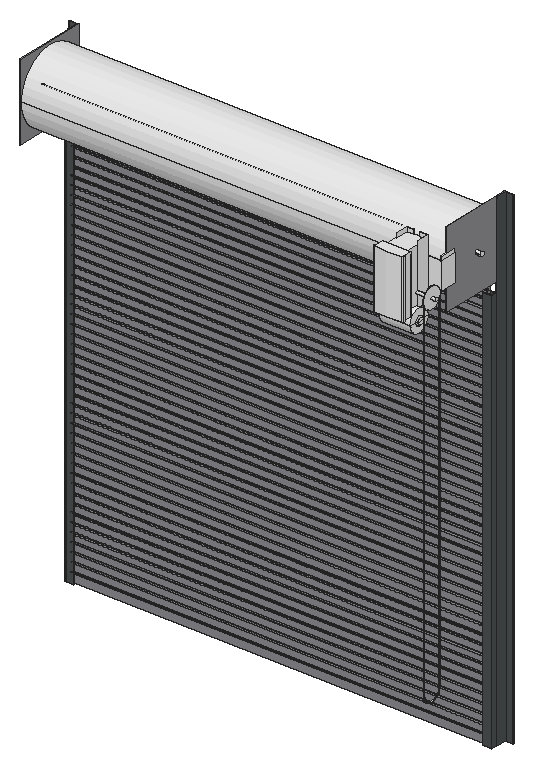
Revit family "FireKing-Fire-Rated-Insulated-Service-Doors_OHD_Model-635_compact", category Specialty Equipment, host Wall, Revit 2023 (continued)
Definition of nested family "Motor"
  Dimensions and locks (in)
    locked: Extrusion 12 sketch curve to Extrusion 12 sketch curve at 3.5
    locked: curve 1 to Extrusion 12 sketch curve at 1.46193
    locked: Extrusion 12 sketch curve to Extrusion 12 sketch curve at 9
    locked: Extrusion 12 sketch curve to curve 1 at 10.62
    radius of Extrusion 5 sketch curve = 3"
    radius of Sweep 6 sketch curve = 3"
    radius of Sweep 6 sketch curve = 0.1"
    radius of Extrusion 7 sketch curve = 0.4"
    radius of Extrusion 2 sketch curve = 0.36846"  (x2)
    radius of Extrusion 1 sketch curve = 0.12"  (x2)
    radius of Extrusion 2 sketch curve = 25"
    "Angle": angle curve 1 to plane 1 "Center (Front/Back)"
    angle Extrusion 2 sketch curve to Extrusion 2 sketch curve = 90.00°
    locked: Extrusion 2 sketch curve to Extrusion 2 sketch curve (angle 90.00°)
    aligned and locked: plane 2 to level
    aligned and locked: Revolve 3 sketch curve to Revolve 3 sketch curve
    aligned and locked: plane 1 "Center (Front/Back)" to curve 1
    aligned and locked: level to curve 1
    aligned and locked: plane 1 "Center (Front/Back)" to plane 4
    aligned and locked: Extrusion 4 sketch curve to Extrusion 4 sketch curve  (x3)
    aligned and locked: plane 7 to Sweep 6 sketch curve  (x2)
    aligned and locked: plane 8 to Sweep 6 sketch curve  (x2)
    aligned and locked: plane 5 to Extrusion 5 sketch curve
    aligned and locked: plane 9 "Chain Hoist" to Extrusion 5 sketch curve
    aligned and locked: plane 5 to Extrusion 7 sketch curve
    aligned and locked: plane 9 "Chain Hoist" to Extrusion 7 sketch curve
    aligned and locked: plane 8 to plane 9 "Chain Hoist"
    aligned and locked: Extrusion 9 sketch curve to Extrusion 9 sketch curve  (x3)
    aligned and locked: Extrusion 2 sketch curve to Extrusion 2 sketch curve
    aligned and locked: Extrusion 1 sketch curve to Extrusion 1 sketch curve
    aligned and locked: plane 4 to nested 1
    aligned and locked: plane 3 "Center (Left/Right)" to nested 1
  Automatic sketch dimensions
    plane 1 "Center (Front/Back)" to Revolve 3 sketch curve = 0"
    Revolve 3 sketch curve to Revolve 3 sketch curve = 0.09915"
    Revolve 3 sketch curve to Revolve 3 sketch curve = 4.7892"
    Revolve 3 sketch curve to plane 14 = 1.9628"
    Extrusion 9 sketch curve to plane 3 "Center (Left/Right)" = 0.988"
    plane 3 "Center (Left/Right)" to Extrusion 9 sketch curve = 0.988"
    Extrusion 2 sketch curve to plane 3 "Center (Left/Right)" = 0"
    Extrusion 2 sketch curve to Extrusion 2 sketch curve = 0.1984"
    Extrusion 2 sketch curve to Extrusion 2 sketch curve = 0.15206"
    Extrusion 2 sketch curve to Extrusion 2 sketch curve = 0.25654"
    Extrusion 2 sketch curve to Extrusion 2 sketch curve = 0"  (x2)
    Extrusion 2 sketch curve to Extrusion 2 sketch curve = 0.0593"
  Nested families (in)
    nested 1: "2D_NotScalableMain_29e791da-3db9-4234-ab15-44456784202b" at (0, 0, 0), type "Default"
      with Not Top + Bench yes, Face Mount yes, Chain Hoist no
  Definition of nested family "2D_NotScalableMain_29e791da-3db9-4234-ab15-44456784202b"
    Parameters (values of type "Default")
      Wall Mount = no
      Top Mount = no
      Not Top + Bench = no
      Fire King Face Mount = no
      Face Mount = no
      Top + Bench = no
      Chain Hoist = yes
      Bench Mount = no
    Reference planes (in)
      plane 1 "Center (Front/Back)": y = 0
      plane 2: z = 0
      plane 3 "Center (Left/Right)": x = 0
    Lines and regions (in)
      Masking region 1, in view "Ref. Level", visible <- "Not Top + Bench"
        outline origin (0, 0, 0) x (1, 0, 0) y (0, 1, 0)
          loop
            line (-6.9985, -0.96741) -> (-5.7485, -0.96741) -> (-5.7485, -0.30491) -> (-5.5274, -0.30491) -> (-5.5274, -1.76746) -> (-5.42825, -1.86661) -> (-4.5757, -1.86661) -> (-4.5757, -3.22517) -> (-4.134, -3.22517) -> (-4.134, -5.05565) -> (-4.3324, -5.05565) -> (-4.3324, -5.3122)
            arc (-4.3324, -5.3122) -> (-4.24466, -5.55085) -> (-4.02324, -5.67585) r 0.36846
            arc (-4.02324, -5.67585) -> (0, -6.0017) -> (4.02324, -5.67585) r 25
            arc (4.02324, -5.67585) -> (4.24466, -5.55085) -> (4.3324, -5.3122) r 0.36846
            line (4.3324, -5.3122) -> (4.3324, -5.05565) -> (4.116, -5.05565) -> (4.116, -3.22517) -> (4.57, -3.22517) -> (4.57, -1.27241) -> (4.799, -1.27241) -> (4.799, -0.84111) -> (5.199, -0.84111) -> (5.199, 0.79) -> (7.2495, 0.79) -> (7.2495, -1.81) -> (7.52, -1.81) -> (7.52, 0.79) -> (8.82, 0.79) -> (8.82, 1.59) -> (7.52, 1.59) -> (7.52, 4.19) -> (7.2495, 4.19) -> (7.2495, 1.59) -> (4.57, 1.59) -> (4.57, 3.22517) -> (2.988, 3.22517) -> (2.988, 4.96193) -> (-2.988, 4.96193) -> (-2.988, 3.22517) -> (-4.5757, 3.22517) -> (-4.5757, 1.86661) -> (-5.42825, 1.86661) -> (-5.5274, 1.76746) -> (-5.5274, 0.30491) -> (-5.7485, 0.30491) -> (-5.7485, 0.96741) -> (-6.9985, 0.96741) -> (-6.9985, -0.96741)
      Masking region 2, in view "Ref. Level", visible <- "Fire King Face Mount"
        outline origin (0, 0, 0) x (1, 0, 0) y (0, 1, 0)
          loop
            circle (0, 1.59) r 2.87397
          loop
            line (-2.988, 7.80693) -> (-2.988, 4.96193) -> (2.988, 4.96193) -> (2.988, 7.80693) -> (0.82, 7.80693) -> (0.82, 16.89193) -> (0.57, 16.89193) -> (0.57, 7.80693) -> (-2.988, 7.80693)
      Masking region 3, in view "Ref. Level", visible <- "Face Mount"
        outline origin (0, 0, 0) x (1, 0, 0) y (0, 1, 0)
          loop
            line (-3.108, 1.46193) -> (-2.988, 1.46193) -> (-2.988, 4.96193) -> (2.988, 4.96193) -> (2.988, 1.46193) -> (3.108, 1.46193) -> (3.108, 5.08193) -> (7.2495, 5.08193) -> (7.2495, 9.82193) -> (6.8795, 9.82193) -> (6.8795, 5.33193) -> (7.1295, 5.33193) -> (7.1295, 5.20193) -> (-2.988, 5.20193) -> (-2.988, 5.08193) -> (-3.108, 5.08193) -> (-3.108, 1.46193)
      Masking region 4, in view "Ref. Level", visible <- "Top + Bench"
        outline origin (0, 0, 0) x (1, 0, 0) y (0, 1, 0)
          loop
            line (-6.9985, -0.96741) -> (-5.7485, -0.96741) -> (-5.7485, -0.30491) -> (-5.5274, -0.30491) -> (-5.5274, -1.76746) -> (-5.42825, -1.86661) -> (-4.5757, -1.86661) -> (-4.5757, -3.22517) -> (4.57, -3.22517) -> (4.57, -1.27241) -> (4.799, -1.27241) -> (4.799, -0.84111) -> (5.199, -0.84111) -> (5.199, 0.84111) -> (4.799, 0.84111) -> (4.799, 1.27241) -> (4.57, 1.27241) -> (4.57, 3.22034) -> (4.3324, 3.22034) -> (4.3324, 6.13) -> (7.2495, 6.13) -> (7.2495, 3.53) -> (7.52, 3.53) -> (7.52, 6.13) -> (8.82, 6.13) -> (8.82, 6.93) -> (7.52, 6.93) -> (7.52, 9.53) -> (7.2495, 9.53) -> (7.2495, 6.93) -> (4.3324, 6.93) -> (4.3324, 19.24819) -> (3.108, 19.24819) -> (3.108, 20.0298) -> (0.988, 20.0298) -> (0.988, 19.24819) -> (-0.988, 19.24819) -> (-0.988, 20.0298) -> (-3.108, 20.0298) -> (-3.108, 19.24819) -> (-4.3324, 19.24819) -> (-4.3324, 3.22517) -> (-4.5757, 3.22517) -> (-4.5757, 1.86661) -> (-5.42825, 1.86661) -> (-5.5274, 1.76746) -> (-5.5274, 0.30491) -> (-5.7485, 0.30491) -> (-5.7485, 0.96741) -> (-6.9985, 0.96741) -> (-6.9985, -0.96741)
      Masking region 5, in view "Ref. Level", visible <- "Top Mount"
        outline origin (0, 0, 0) x (1, 0, 0) y (0, 1, 0)
          loop
            line (4.3324, 14.55771) -> (4.3324, 6.93) -> (7.2495, 6.93) -> (7.2495, 14.55771) -> (7.1295, 14.55771) -> (7.1295, 15.55771) -> (6.8795, 15.55771) -> (6.8795, 14.55771) -> (4.3324, 14.55771)
      Masking region 6, in view "Ref. Level", visible <- "Wall Mount"
        outline origin (0, 0, 0) x (1, 0, 0) y (0, 1, 0)
          loop
            line (-4.988, 4.96193) -> (-3.108, 4.96193) -> (-3.108, 1.46193) -> (-2.988, 1.46193) -> (-2.988, 5.08193) -> (-4.988, 5.08193) -> (-4.988, 4.96193)
          loop
            line (2.988, 1.46193) -> (3.108, 1.46193) -> (3.108, 4.96193) -> (4.988, 4.96193) -> (4.988, 5.08193) -> (2.988, 5.08193) -> (2.988, 1.46193)
      Masking region 7, in view "Ref. Level", visible <- "Bench Mount"
        outline origin (0, 0, 0) x (1, 0, 0) y (0, 1, 0)
          loop
            line (-7.24, 9.2698) -> (-7.1205, 9.2698) -> (-7.1205, 9.1098) -> (-4.3324, 9.1098) -> (-4.3324, 17.4298) -> (-7.1205, 17.4298) -> (-7.1205, 17.2698) -> (-7.24, 17.2698) -> (-7.24, 9.2698)
      Masking region 8, in view "Ref. Level", visible <- "Chain Hoist"
        outline origin (0, -6.98957, 0) x (1, 0, 0) y (0, 1, 0)
          loop
            line (4.7396, 6.58957) -> (7.2495, 6.58957) -> (7.2495, 3.98957) -> (7.52, 3.98957) -> (7.52, 6.58957) -> (8.82, 6.58957) -> (8.82, 7.38957) -> (7.52, 7.38957) -> (7.52, 9.98957) -> (7.2495, 9.98957) -> (7.2495, 7.38957) -> (4.7396, 7.38957) -> (4.7396, 6.58957)
      reference lines, in view "Ref. Level"
        curve 1: line (0, 0, 0) -> (0, 0.125, 0)
        curve 2: line (0, 0, 0) -> (0.125, 0, 0)
      detail lines, in view "Ref. Level", visible <- "Not Top + Bench"
        curve 3: line (7.2495, 4.19, 0) -> (7.2495, -1.81, 0)
        curve 4: line (7.52, 4.19, 0) -> (7.52, -1.81, 0)
        curve 5: line (-4.134, -2.29347, 0) -> (-4.134, -5.05565, 0)
        curve 6: line (4.116, -2.29347, 0) -> (4.116, -5.05565, 0)
        curve 7: line (-4.134, -2.41307, 0) -> (4.116, -2.41307, 0)
        curve 8: line (4.116, -2.29347, 0) -> (3.108, -2.29347, 0)
        curve 9: line (2.988, -2.17347, 0) -> (2.988, 4.96193, 0)
        curve 10: line (2.988, 4.96193, 0) -> (-2.988, 4.96193, 0)
        curve 11: line (-2.988, 4.96193, 0) -> (-2.988, -2.17347, 0)
        curve 12: arc (-2.988, -2.17347, 0) -> (-3.02315, -2.25832, 0) -> (-3.108, -2.29347, 0) r 0.12
        curve 13: arc (3.108, -2.29347, 0) -> (3.02315, -2.25832, 0) -> (2.988, -2.17347, 0) r 0.12
        curve 14: line (4.57, -3.22517, 0) -> (4.57, 0.77483, 0)
        curve 15: line (4.799, -1.27241, 0) -> (4.799, 0.77483, 0)
        curve 16: line (5.199, -0.84111, 0) -> (5.199, 0.77483, 0)
        curve 17: line (-4.5757, -3.22517, 0) -> (-4.5757, 3.22517, 0)
        curve 18: line (-5.42825, -1.86661, 0) -> (-5.42825, 1.86661, 0)
        curve 19: line (-5.5274, 1.76746, 0) -> (-5.5274, -1.76746, 0)
        curve 20: line (-5.7485, -0.96741, 0) -> (-5.7485, 0.96741, 0)
        curve 25: line (-4.116, -2.29347, 0) -> (-3.108, -2.29347, 0)
        curve 26: line (5.199, 0.77483, 0) -> (2.988, 0.77483, 0)
        curve 27: line (4.57, 1.59, 0) -> (3.108, 1.59, 0)
      detail lines, in view "Ref. Level", visible <- "Fire King Face Mount"
        curve 21: circle (0, 1.59, 0) r 1.29967 normal (0, 0, 1)
        curve 22: circle (0, 1.59, 0) r 0.87193 normal (0, 0, 1)
        curve 23: line (-2.988, 7.80693, 0) -> (2.988, 7.80693, 0)
        curve 24: line (-2.988, 7.685, 0) -> (2.988, 7.685, 0)
      detail lines, in view "Ref. Level", visible <- "Top + Bench"
        curve 28: line (-4.5757, -3.22517, 0) -> (-4.5757, 3.22517, 0)
        curve 29: line (-5.42825, 1.86661, 0) -> (-5.42825, -1.86661, 0)
        curve 30: line (-5.5274, 1.76746, 0) -> (-5.5274, -1.76746, 0)
        curve 31: line (-5.7485, -0.96741, 0) -> (-5.7485, 0.96741, 0)
        curve 32: line (-4.3324, 1.8898, 0) -> (-4.3324, 19.24819, 0)
        curve 33: line (-4.3324, 1.8898, 0) -> (4.3324, 1.8898, 0)
        curve 34: line (4.3324, 1.8898, 0) -> (4.3324, 19.24819, 0)
        curve 35: line (4.57, 3.22517, 0) -> (4.57, -3.22517, 0)
        curve 36: line (4.799, 1.27241, 0) -> (4.799, -1.22759, 0)
        curve 41: line (2.988, 20.0298, 0) -> (2.988, 19.24819, 0)
        curve 42: line (-2.988, 20.0298, 0) -> (-2.988, 19.24819, 0)
        curve 43: line (-3.108, 19.24819, 0) -> (-0.988, 19.24819, 0)
        curve 44: line (0.988, 19.24819, 0) -> (3.108, 19.24819, 0)
      detail lines, in view "Ref. Level", visible <- "Chain Hoist"
        curve 37: line (7.2495, 3, 0) -> (7.2495, -3, 0)
        curve 38: line (7.52, -3, 0) -> (7.52, 3, 0)
      detail lines, in view "Ref. Level", visible <- "Bench Mount"
        curve 39: line (-7.1205, 17.4298, 0) -> (-7.1205, 9.1098, 0)
        curve 40: line (-6.9985, 17.4298, 0) -> (-6.9985, 9.1098, 0)
    Dimensions and locks (in)
      curve 1 to curve 1 = 1/8"
      curve 2 to curve 2 = 1/8"
      aligned and locked: plane 1 "Center (Front/Back)" to curve 1
      aligned and locked: plane 3 "Center (Left/Right)" to curve 1
      aligned and locked: plane 1 "Center (Front/Back)" to curve 2
Definition of nested family "Label Annotation 1"
  Parameters (values of type "Label Annotation 1-8")
    Label = "Area is too big. Please reduce Door Size."
  Reference planes (in)
    plane 1: y = 0
    plane 2: x = 0
  Text (in)
    label "Label" at (0.00375, -0.00345, 0), shows "Label"
Definition of nested family "Warning Sign"
  Parameters (values of type "Warning Sign")
    Warning Sign [instance] = no
    Default Elevation = 48"
  Reference planes (in)
    plane 1 "Center (Front/Back)": y = 0
    plane 2: z = 0
    plane 3 "Center (Left/Right)": x = 0
    plane 4: y = 0.5
    plane 5: y = -0.5
    plane 6: y = 1
    plane 7: y = 0.25
  Lines and regions (in)
    model lines
      curve 1: line (-2.26129, 1, 45.69444) -> (-26.3817, 1, 3.91667)
      curve 2: line (-25.25106, 1, 3.26389) -> (-1.13064, 1, 45.04167)
      curve 3: arc (2.26129, 1, 45.69444) -> (0, 1, 47) -> (-2.26129, 1, 45.69444) r 2.61111
      curve 4: arc (-1.13064, 1, 45.04167) -> (0, 1, 45.69444) -> (1.13064, 1, 45.04167) r 1.30556
      curve 5: line (1.13064, 1, 45.04167) -> (25.25106, 1, 3.26389)
      curve 6: line (26.3817, 1, 3.91667) -> (2.26129, 1, 45.69444)
      curve 7: arc (25.25106, 1, 3.26389) -> (25.25106, 1, 1.95833) -> (24.12041, 1, 1.30556) r 1.30556
      curve 8: arc (24.12041, 1, 0) -> (26.3817, 1, 1.30556) -> (26.3817, 1, 3.91667) r 2.61111
      curve 9: line (24.12041, 1, 1.30556) -> (-24.12041, 1, 1.30556)
      curve 10: line (-24.12041, 1, 0) -> (24.12041, 1, 0)
      curve 11: arc (-24.12041, 1, 1.30556) -> (-25.25106, 1, 1.95833) -> (-25.25106, 1, 3.26389) r 1.30556
      curve 12: arc (-26.3817, 1, 3.91667) -> (-26.3817, 1, 1.30556) -> (-24.12041, 1, 0) r 2.61111
      curve 13: arc (-2.29479, 1, 8.63537) -> (0, 1, 6.34057) -> (2.29479, 1, 8.63537) r 2.29479
      curve 14: arc (2.29479, 1, 8.63537) -> (0, 1, 10.93016) -> (-2.29479, 1, 8.63537) r 2.29479
      curve 15: arc (-1.6331, 1, 13.97069) -> (0.03439, 1, 12.53727) -> (1.69278, 1, 13.98121) r 1.68043
      curve 16: line (-3.77413, 1, 28.37873) -> (-1.6331, 1, 13.97069)
      curve 17: line (1.69278, 1, 13.98121) -> (3.73924, 1, 28.37873)
      curve 18: arc (3.73924, 1, 28.37873) -> (-0.01745, 1, 32.13541) -> (-3.77413, 1, 28.37873) r 3.75668
      curve 19: line (-2.26129, -0.5, 45.69444) -> (-26.3817, -0.5, 3.91667)
      curve 20: line (-25.25106, -0.5, 3.26389) -> (-1.13064, -0.5, 45.04167)
      curve 21: arc (2.26129, -0.5, 45.69444) -> (0, -0.5, 47) -> (-2.26129, -0.5, 45.69444) r 2.61111
      curve 22: arc (-1.13064, -0.5, 45.04167) -> (0, -0.5, 45.69444) -> (1.13064, -0.5, 45.04167) r 1.30556
      curve 23: line (1.13064, -0.5, 45.04167) -> (25.25106, -0.5, 3.26389)
      curve 24: line (26.3817, -0.5, 3.91667) -> (2.26129, -0.5, 45.69444)
      curve 25: arc (25.25106, -0.5, 3.26389) -> (25.25106, -0.5, 1.95833) -> (24.12041, -0.5, 1.30556) r 1.30556
      curve 26: arc (24.12041, -0.5, 0) -> (26.3817, -0.5, 1.30556) -> (26.3817, -0.5, 3.91667) r 2.61111
      curve 27: line (24.12041, -0.5, 1.30556) -> (-24.12041, -0.5, 1.30556)
      curve 28: line (-24.12041, -0.5, 0) -> (24.12041, -0.5, 0)
      curve 29: arc (-24.12041, -0.5, 1.30556) -> (-25.25106, -0.5, 1.95833) -> (-25.25106, -0.5, 3.26389) r 1.30556
      curve 30: arc (-26.3817, -0.5, 3.91667) -> (-26.3817, -0.5, 1.30556) -> (-24.12041, -0.5, 0) r 2.61111
      curve 31: arc (-2.29479, -0.5, 8.63537) -> (0, -0.5, 6.34057) -> (2.29479, -0.5, 8.63537) r 2.29479
      curve 32: arc (2.29479, -0.5, 8.63537) -> (0, -0.5, 10.93016) -> (-2.29479, -0.5, 8.63537) r 2.29479
      curve 33: arc (-1.6331, -0.5, 13.97069) -> (0.03439, -0.5, 12.53727) -> (1.69278, -0.5, 13.98121) r 1.68043
      curve 34: line (-3.77413, -0.5, 28.37873) -> (-1.6331, -0.5, 13.97069)
      curve 35: line (1.69278, -0.5, 13.98121) -> (3.73924, -0.5, 28.37873)
      curve 36: arc (3.73924, -0.5, 28.37873) -> (-0.01745, -0.5, 32.13541) -> (-3.77413, -0.5, 28.37873) r 3.75668
  Dimensions and locks (in)
    locked: plane 1 "Center (Front/Back)" to plane 4 at 0.5
    equal spacing: plane 1 "Center (Front/Back)", plane 7, plane 4
    locked: plane 4 to plane 6 at 0.5
    locked: plane 5 to plane 1 "Center (Front/Back)" at 0.5
    aligned and locked: plane 2 to level
  Automatic sketch dimensions
    curve 21 to curve 22 = 0"  (x2)
    curve 25 to curve 26 = 0"  (x2)
    curve 29 to curve 30 = 0"  (x2)
    curve 31 to curve 32 = 0"  (x2)
    curve 21 to plane 3 "Center (Left/Right)" = 0"
    curve 31 to plane 3 "Center (Left/Right)" = 0"
    curve 30 to level = 0"
    level to curve 27 = 1.30556"
    curve 26 to curve 27 = 1.30556"
    curve 29 to curve 27 = 1.30556"
    curve 23 to curve 25 = 0.65278"
    curve 20 to curve 29 = 0.65278"
    curve 24 to curve 23 = 0.65278"
    curve 19 to curve 20 = 0.65278"
    level to curve 32 = 8.63537"
    curve 34 to plane 3 "Center (Left/Right)" = 1.6331"
    curve 34 to curve 31 = 5.33532"
    plane 3 "Center (Left/Right)" to curve 35 = 1.69278"
    curve 35 to curve 34 = 0.01052"
    plane 3 "Center (Left/Right)" to curve 33 = 0.02908"
    curve 36 to plane 3 "Center (Left/Right)" = 0.01745"
    curve 36 to curve 33 = 14.16104"
    curve 22 to curve 36 = 16.01016"
    plane 3 "Center (Left/Right)" to curve 23 = 1.13064"
    curve 23 to curve 21 = 0.65278"
    curve 20 to plane 3 "Center (Left/Right)" = 1.13064"
    plane 3 "Center (Left/Right)" to curve 24 = 2.26129"
    curve 24 to curve 22 = 0.65278"
    curve 19 to plane 3 "Center (Left/Right)" = 2.26129"
    curve 34 to curve 36 = 3.75668"
    curve 30 to plane 3 "Center (Left/Right)" = 24.12041"
    plane 3 "Center (Left/Right)" to curve 25 = 24.12041"
    curve 31 to curve 31 = 2.29479"
    curve 3 to curve 4 = 0"  (x2)
    curve 7 to curve 8 = 0"  (x2)
    curve 11 to curve 12 = 0"  (x2)
    curve 13 to curve 14 = 0"  (x2)
    curve 3 to plane 3 "Center (Left/Right)" = 0"
    curve 13 to plane 3 "Center (Left/Right)" = 0"
    curve 12 to level = 0"
    level to curve 9 = 1.30556"
    curve 8 to curve 9 = 1.30556"
    curve 11 to curve 9 = 1.30556"
    curve 5 to curve 7 = 0.65278"
    curve 2 to curve 11 = 0.65278"
    curve 6 to curve 5 = 0.65278"
    curve 1 to curve 2 = 0.65278"
    level to curve 14 = 8.63537"
    curve 16 to plane 3 "Center (Left/Right)" = 1.6331"
    curve 16 to curve 13 = 5.33532"
    plane 3 "Center (Left/Right)" to curve 17 = 1.69278"
    curve 17 to curve 16 = 0.01052"
    plane 3 "Center (Left/Right)" to curve 15 = 0.02908"
    curve 18 to plane 3 "Center (Left/Right)" = 0.01745"
    curve 18 to curve 15 = 14.16104"
    curve 4 to curve 18 = 16.01016"
    plane 3 "Center (Left/Right)" to curve 5 = 1.13064"
    curve 5 to curve 3 = 0.65278"
    curve 2 to plane 3 "Center (Left/Right)" = 1.13064"
    plane 3 "Center (Left/Right)" to curve 6 = 2.26129"
    curve 6 to curve 4 = 0.65278"
    curve 1 to plane 3 "Center (Left/Right)" = 2.26129"
    curve 16 to curve 18 = 3.75668"
    curve 12 to plane 3 "Center (Left/Right)" = 24.12041"
    plane 3 "Center (Left/Right)" to curve 7 = 24.12041"
    curve 13 to curve 13 = 2.29479"
Types (9): name | Voltage | Operator Visibility | Number of Poles | Hood Offset | Headroom Height | Frequency | Door Height True | Door Height (Real) | Floor To (CL) of Shaft | Chain Hoist or Manual | Current | Connector Array | Calculated Area | Apparent Load Phase 3 | Apparent Load Phase 2 | Apparent Load Phase 1
  115 volts, one phase, 60 Hz (110-120V range) | 115 V | yes | 1 | 3" | 25 5/8" | 60 Hz | 145 5/8" | 123" | 134 5/16" | no | 20 A | 3 | 102.927 SF | 0 VA | 0 VA | 2300 VA
  Chain Hoist | 0 V | yes | 1 | 1" | 23 5/8" | 0 Hz | 143 5/8" | 121" | 132 5/16" | yes | 0 A | 2 | 101.253 SF | 0 VA | 0 VA | 0 VA
  208 volts, one phase, 60 Hz (190-207V range) | 208 V | yes | 1 | 3" | 25 5/8" | 60 Hz | 145 5/8" | 123" | 134 5/16" | no | 20 A | 3 | 102.927 SF | 0 VA | 0 VA | 4160 VA
  208 volts, three phase, 60 Hz (190-207 V range) | 208 V | yes | 3 | 3" | 25 5/8" | 60 Hz | 145 5/8" | 123" | 134 5/16" | no | 20 A | 3 | 102.927 SF | 2401.78 VA | 2401.78 VA | 2401.78 VA
  230 volts, one phase, 60 Hz (208-245V range) | 230 V | yes | 1 | 3" | 25 5/8" | 60 Hz | 145 5/8" | 123" | 134 5/16" | no | 20 A | 3 | 102.927 SF | 0 VA | 0 VA | 4600 VA
  230 volts, three phase, 60 Hz (208-245 V range) | 230 V | yes | 3 | 3" | 25 5/8" | 60 Hz | 145 5/8" | 123" | 134 5/16" | no | 20 A | 3 | 102.927 SF | 2655.81 VA | 2655.81 VA | 2655.81 VA
  460 volts, three phase, 60 Hz (456-495 V range) | 460 V | yes | 3 | 3" | 25 5/8" | 60 Hz | 145 5/8" | 123" | 134 5/16" | no | 20 A | 3 | 102.927 SF | 5311.62 VA | 5311.62 VA | 5311.62 VA
  575 volts, three phase, 60 Hz | 575 V | yes | 3 | 3" | 25 5/8" | 60 Hz | 145 5/8" | 123" | 134 5/16" | no | 20 A | 3 | 102.927 SF | 6639.53 VA | 6639.53 VA | 6639.53 VA
  Manual push-up | 0 V | no | 1 | 1" | 23 5/8" | 0 Hz | 143 5/8" | 121" | 132 5/16" | yes | 0 A | 2 | 101.253 SF | 0 VA | 0 VA | 0 VA
